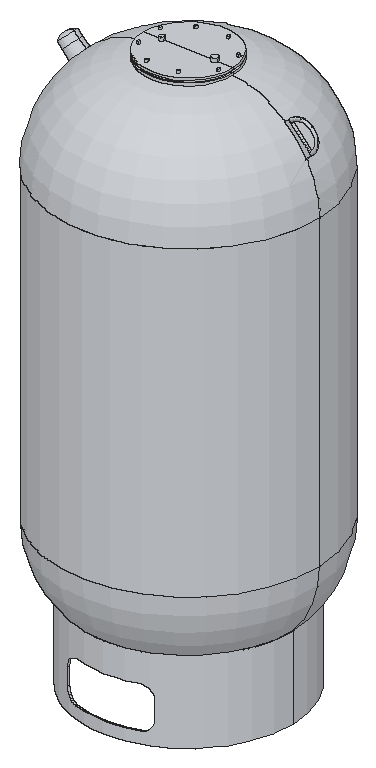
Revit family "TXA-600", category Mechanical Equipment, Revit 2014
Parameters (values of type "TXA-600")
  VoidHeight [instance] = 135 mm
  Void [instance] = 254 mm
  URL = "http://westank.com/"
  TankVolume = "158 Gallons"
  PartNumber = "20010500"
  OuterRadius = F / 2  # 304.8 mm
  Model = "TXA-600"
  MaximumOperatingTemperature = "240°F"
  MaximumOperatingPressure = "150 PSIG"
  Manufacturer = "Wessels Company"
  InnerRadius = (F * 0.9844) / 2  # 300.045 mm
  HandleAngle = 35.00°
  G = 120.65 mm
  F = 609.6 mm
  C = 50.8 mm
  BottomOfTheCylinder = 155.4 mm
  B = 1651 mm
  ApproximateShipmentWeight = "378 lbs"
  AngleHeight = B * 0.7878  # 1300.658 mm
  Angle = 35.00°
  A = 762 mm
Reference planes
  plane 1 "Center (Front/Back)": y = 0
  plane 2: z = 0
  plane 3 "Center (Left/Right)": x = 0
  plane 4: x = -381
  plane 5: x = -76.2
  plane 6: x = 76.2
  plane 7: z = 1621.9
  plane 8: y = 50
  plane 9: y = -50
  plane 10: x = 55.248
  plane 11: x = -55.248
  plane 12: z = 1651
  plane 13: x = 381
  plane 14: z = 1300.658
  plane 15: x = -25.4
  plane 16: x = 25.4
  plane 17: x = 139.7
  plane 18: y = 3.969
  plane 19: y = -3.969
  plane 20: x = -381
  plane 21: x = 381
  plane 22: x = -304.8
  plane 23: x = 304.8
  plane 24: z = 1646.377
  plane 25: z = 120.65
Forms (mm)
  Revolve 1, solid
    sketch origin (0, 0, -130.175) x (1, 0, 0) y (0, 0, 1)
      loop
        line (0, 1752.075) -> (-118.751, 1752.075)
        arc (-118.751, 1752.075) -> (-305.322, 1662.429) -> (-381, 1469.769) r 283.073
        line (-381, 1469.769) -> (-381, 565.278)
        arc (-381, 565.278) -> (-310.536, 378.824) -> (-134.368, 285.575) r 281.92
        line (-134.368, 285.575) -> (0, 285.575) -> (0, 1752.075)
      axis (0, 1752.075) -> (0, 285.575)
    angle from 0 to 360
  Extrusion 2, solid
    sketch origin (0, 0, 0) x (1, 0, 0) y (0, 1, 0)
      loop
        circle (0, 0) r 304.8
      loop
        circle (0, 0) r 300.045
    from 253.532 to 0
  Revolve 3, solid
    sketch origin (0, 0, 0) x (1, 0, 0) y (0, 0, 1)
      loop
        line (0, 1642) -> (0, 1621.9) -> (130.02, 1621.9) -> (130.02, 1628.25) -> (123.67, 1628.25) -> (123.67, 1635.463) -> (130.02, 1635.463) -> (130.02, 1642) -> (0, 1642)
      axis (0, 1642) -> (0, 1621.9)
    angle from 0 to 360
  Extrusion 4, solid
    sketch origin (-1534.635, -4572, 1621.9) x (-1, 0, 0) y (0, -1, 0)
      loop
        circle (-1458.435, -4572) r 6.35
      loop
        circle (-1610.835, -4572) r 9.525
    from 29.1 to 20.1
  Revolve 5, solid
    sketch origin (-211.722, 0, 1414.947) x (-0.707848, 0, 0.706364) y (-0.706364, 0, -0.707848)
      loop
        line (138.391, -1.826) -> (138.391, -29.471) -> (176.654, -29.471) -> (176.654, -28.634) -> (197.18, -28.634)
        arc (197.18, -28.634) -> (205.949, -16.661) -> (206.379, -1.826) r 24.981
        line (206.379, -1.826) -> (138.391, -1.826)
      axis (138.391, -1.826) -> (206.379, -1.826)
    angle from 0 to 360
  Sweep 6, solid
    path origin (212.812, 0, 1426.041) x (0.738543, 0, 0.674206) y (-0.674206, 0, 0.738543)
      loop
        arc (154.99, 44.45) -> (199.44, 0) -> (154.99, -44.45) r 44.45
    profile origin (360.107, 0, 1560.505) x (0.738543, 0, 0.674206) y (0, -1, 0)
      loop
        circle (0, 0) r 3.969
  Extrusion 7, solid
    sketch origin (-9.525, -4572, 49.3) x (-1, 0, 0) y (0, -1, 0)
      loop
        circle (-9.525, -4572) r 25.4
    from 71.35 to 106.1
  Extrusion 8, solid
    sketch origin (121.362, 0, 1342.558) x (0.738543, 0, 0.674206) y (-0.674206, 0, 0.738543)
      loop
        line (278.815, 48.402) -> (254, 48.402) -> (254, -48.501) -> (278.815, -48.501) -> (278.815, 48.402)
    from 3.969 to -3.969
  Extrusion 9, solid
    sketch origin (-3188.242, 3513.415, 49.3) x (0.743145, 0.66913, 0) y (-0.66913, 0.743145, 0)
      loop
        circle (41.275, -4641.567) r 3.676
    from 1597.077 to 1592.7
  Extrusion 10, solid
    sketch origin (288.988, 4735.552, 49.3) x (0.997899, -0.064782, 0) y (0.064782, 0.997899, 0)
      loop
        circle (47.612, -4641.156) r 3.676
    from 1597.077 to 1592.7
  Extrusion 11, solid
    sketch origin (3591.806, 3099.661, 49.3) x (0.650395, -0.759596, 0) y (0.759596, 0.650395, 0)
      loop
        circle (49.535, -4631.92) r 3.676
    from 1597.077 to 1592.7
  Extrusion 12, solid
    sketch origin (4726.876, -406.955, 49.3) x (-0.089639, -0.995974, 0) y (0.995974, -0.089639, 0)
      loop
        circle (40.137, -4628.918) r 3.676
    from 1597.077 to 1592.7
  Extrusion 13, solid
    sketch origin (3009.154, -3667.964, 49.3) x (-0.775574, -0.631257, 0) y (0.631257, -0.775574, 0)
      loop
        circle (41.275, -4641.567) r 3.676
    from 1597.077 to 1592.7
  Extrusion 14, solid
    sketch origin (-524.67, -4715.261, 49.3) x (-0.99343, 0.114441, 0) y (-0.114441, -0.99343, 0)
      loop
        circle (47.583, -4640.84) r 3.676
    from 1597.077 to 1592.7
  Extrusion 15, solid
    sketch origin (-3741.842, -2916.777, 49.3) x (-0.611725, 0.79107, 0) y (-0.79107, -0.611725, 0)
      loop
        circle (49.044, -4631.52) r 3.676
    from 1597.077 to 1592.7
  Extrusion 16, solid
    sketch origin (-4700.716, 642.058, 49.3) x (0.139172, 0.990268, 0) y (-0.990268, 0.139172, 0)
      loop
        circle (39.508, -4628.991) r 3.676
    from 1597.077 to 1592.7
Cuts and joins
  joined: Revolve 1, Extrusion 2, Revolve 3, Revolve 5, Extrusion 8
Lines and regions (mm)
  reference lines
    curve 1: line (0, 0, 1300.658) -> (-150.847, 0, 1406.282)
    curve 2: line (0, 0, 1300.658) -> (150.847, 0, 1406.282)
Dimensions and locks
  equal spacing: plane 6, plane 3 "Center (Left/Right)", plane 5
  equal spacing: plane 11, plane 3 "Center (Left/Right)", plane 10
  equal spacing: plane 8, plane 1 "Center (Front/Back)", plane 9
  "B": plane 12 to level
  equal spacing: plane 13, plane 3 "Center (Left/Right)", plane 4
  locked: plane 5 to Extrusion 4 sketch curve at 0
  locked: Extrusion 4 sketch curve to plane 1 "Center (Front/Back)" at 0  (x2)
  locked: Extrusion 4 sketch curve to plane 6 at 0
  "C": plane 16 to plane 15
  equal spacing: plane 16, plane 3 "Center (Left/Right)", plane 15
  equal spacing: plane 18, curve 2, plane 19
  equal spacing: plane 21, plane 3 "Center (Left/Right)", plane 20
  "A": plane 21 to plane 20
  equal spacing: plane 23, plane 3 "Center (Left/Right)", plane 22
  "F": plane 23 to plane 22
  locked: plane 12 to plane 24 at 4.623
  "G": plane 25 to level
  "AngleHeight": plane 14 to level
  locked: Revolve 5 sketch curve to Revolve 5 sketch curve at 0.837
  "OuterRadius": radius of Extrusion 2 sketch curve
  "InnerRadius": radius of Extrusion 2 sketch curve
  diameter of Extrusion 4 sketch curve = 19.05 mm
  "C": diameter of Extrusion 7 sketch curve
  "Angle": angle curve 1 to plane 14
  "HandleAngle": angle plane 14 to curve 2
  aligned and locked: level to plane 2
  aligned and locked: Extrusion 2 to level
  aligned and locked: Revolve 3 sketch curve to plane 7
  aligned and locked: Revolve 3 sketch curve to plane 3 "Center (Left/Right)"  (x2)
  aligned and locked: Revolve 1 sketch curve to plane 7
  aligned and locked: plane 4 to Revolve 1 sketch curve
  aligned and locked: plane 12 to Extrusion 4
  aligned and locked: plane 3 "Center (Left/Right)" to curve 1
  aligned and locked: plane 14 to curve 1
  aligned and locked: Revolve 5 sketch curve to Revolve 5 sketch curve
  aligned and locked: plane 14 to curve 2
  aligned and locked: plane 3 "Center (Left/Right)" to curve 2
  aligned and locked: Extrusion 8 sketch curve to Sweep 6
  aligned and locked: Extrusion 8 to plane 19
  aligned and locked: plane 18 to Extrusion 8
  aligned and locked: Extrusion 15 to Extrusion 16
  aligned and locked: Extrusion 9 to Extrusion 16
  aligned and locked: Extrusion 14 to Extrusion 9
  aligned and locked: Extrusion 10 to Extrusion 14
  aligned and locked: Extrusion 13 to Extrusion 10
  aligned and locked: Extrusion 11 to Extrusion 13
  aligned and locked: Extrusion 12 to Extrusion 13
  aligned and locked: Extrusion 11 to Extrusion 12
  aligned and locked: Extrusion 13 to Extrusion 12
  aligned and locked: Extrusion 10 to Extrusion 12
  aligned and locked: Extrusion 14 to Extrusion 12
  aligned and locked: Extrusion 9 to Extrusion 12
  aligned and locked: Extrusion 15 to Extrusion 9
  aligned and locked: Extrusion 16 to Extrusion 9
  aligned and locked: plane 24 to Extrusion 15
  aligned and locked: Extrusion 15 to Revolve 3
  aligned and locked: Extrusion 7 to plane 25
  aligned and locked: plane 1 "Center (Front/Back)" to nested 2
  aligned and locked: nested 2 to plane 3 "Center (Left/Right)"
Automatic sketch dimensions
  Revolve 3 sketch curve to plane 7 = 0 mm
  plane 7 to Revolve 3 sketch curve = 6.35 mm
  plane 6 to Revolve 3 sketch curve = 47.47 mm
  Revolve 3 sketch curve to Revolve 3 sketch curve = 6.35 mm  (x2)
  Revolve 3 sketch curve to Revolve 3 sketch curve = 12.7 mm
  Revolve 1 sketch curve to plane 3 "Center (Left/Right)" = 0 mm  (x2)
  Revolve 1 sketch curve to plane 5 = 22.88 mm
  Revolve 1 sketch curve to plane 5 = 21.727 mm
  Revolve 1 sketch curve to plane 5 = 42.551 mm
  Revolve 1 sketch curve to plane 5 = 58.168 mm
  Revolve 1 sketch curve to level = 57.47 mm
  Revolve 1 sketch curve to plane 7 = 45 mm
  plane 11 to Extrusion 9 sketch curve = 3.491 mm
  plane 8 to Extrusion 9 sketch curve = 41.674 mm
  plane 16 to Extrusion 10 sketch curve = 10.438 mm
  plane 8 to Extrusion 10 sketch curve = 51.061 mm
  Extrusion 11 sketch curve to plane 8 = 0.545 mm
  plane 6 to Extrusion 11 sketch curve = 29.436 mm
  plane 9 to Extrusion 12 sketch curve = 18.002 mm
  plane 6 to Extrusion 12 sketch curve = 36.795 mm
  Extrusion 13 sketch curve to plane 10 = 8.125 mm
  Extrusion 13 sketch curve to plane 9 = 44.14 mm
  Extrusion 14 sketch curve to plane 15 = 15.439 mm
  Extrusion 14 sketch curve to plane 9 = 49.466 mm
  plane 9 to Extrusion 15 sketch curve = 5.239 mm
  Extrusion 15 sketch curve to plane 5 = 31.786 mm
  Extrusion 16 sketch curve to plane 8 = 13.042 mm
  Extrusion 16 sketch curve to plane 5 = 35.075 mm
  curve 1 to Revolve 5 sketch curve = 187.602 mm
  Revolve 5 sketch curve to Revolve 5 sketch curve = 43.93 mm
  Revolve 5 sketch curve to Revolve 5 sketch curve = 5.667 mm
  Revolve 5 sketch curve to Revolve 5 sketch curve = 20.527 mm
  Revolve 5 sketch curve to Revolve 5 sketch curve = 9.199 mm
  curve 1 to Revolve 5 sketch curve = 8.233 mm
  Revolve 5 sketch curve to Revolve 5 sketch curve = 0.837 mm
  Revolve 5 sketch curve to Revolve 5 sketch curve = 20.918 mm
  curve 1 to Revolve 5 sketch curve = 49.211 mm
  Revolve 5 sketch curve to Revolve 5 sketch curve = 22.229 mm
  curve 2 to Sweep 6 sketch curve = 214.076 mm
  Sweep 6 sketch curve to curve 2 = 27.184 mm
  Sweep 6 sketch curve to Sweep 6 sketch curve = 44.45 mm
  Sweep 6 sketch curve to profile plane = 0 mm  (x2)
  Extrusion 8 sketch curve to Extrusion 8 sketch curve = 24.815 mm
  Extrusion 8 sketch curve to curve 2 = 75.686 mm
  Extrusion 8 sketch curve to Extrusion 8 sketch curve = 96.904 mm
  Revolve 3 sketch curve to Revolve 3 sketch curve = 7.213 mm
  Revolve 3 sketch curve to plane 24 = 4.377 mm
  plane 25 to Revolve 1 sketch curve = 34.75 mm
  Extrusion 2 sketch curve to Extrusion 2 sketch curve = 0 mm  (x2)
  plane 1 "Center (Front/Back)" to Extrusion 2 sketch curve = 0 mm
  Extrusion 2 sketch curve to plane 3 "Center (Left/Right)" = 0 mm
  plane 1 "Center (Front/Back)" to Extrusion 7 sketch curve = 0 mm
  Extrusion 7 sketch curve to plane 3 "Center (Left/Right)" = 0 mm
  radius of Extrusion 9 sketch curve = 3.676 mm
  radius of Extrusion 10 sketch curve = 3.676 mm
  radius of Extrusion 11 sketch curve = 3.676 mm
  radius of Extrusion 12 sketch curve = 3.676 mm
  radius of Extrusion 13 sketch curve = 3.676 mm
  radius of Extrusion 14 sketch curve = 3.676 mm
  radius of Extrusion 15 sketch curve = 3.676 mm
  radius of Extrusion 16 sketch curve = 3.676 mm
  radius of Sweep 6 sketch curve = 3.969 mm
  radius of Extrusion 4 sketch curve = 6.35 mm
Nested families
  nested 1: "BottomVoid" at (-1.134, -304.798, 95.627) x (1, -0.0037, 0) z (-0.0037, -1, 0), VoidLength <- "Void", type "BottomVoid"
    with VoidLength 254 mm, VoidHeight 123.456 mm
  nested 2: "ElbowConnector" at (0, 0, 120.65) x (0, -1, 0) z (0, 0, 1), PipeDiameter <- "C", type "ElbowConnector"
    with PipeDiameter 50.8 mm, NutDiameter 63.5 mm
Connectors
  piping at (0, -34.4, 69.85), diameter 50.8, driven by "C"
    settings: on nested 2, index 1, connector inside diameter 24", connector length 0 mm, flow factor 0, pipe flow 0 GPM, pressure drop 0.00 psi, fitting loss kfactor 0, connector angle 0.00°, fixture units 0, engagement length 0 mm, angle of deflection 0.00°, flow configuration 0, flow direction 0, fitting loss method 0, system type 7, joint type 0, gender type 0, connector reference index -1, connector utility 0, adjustable connector no, is connector primary yes, connector description ""
Definition of nested family "ElbowConnector"
  Parameters (values of type "ElbowConnector")
    PipeDiameter [instance] = 50.8 mm
    NutDiameter [instance] = PipeDiameter * 1.25  # 63.5 mm
    Default Elevation = 1219.2 mm
  Reference planes
    plane 1 "Center (Front/Back)": y = 0
    plane 2: z = 0
    plane 3 "Center (Left/Right)": x = 0
    plane 4: y = 314.612
    plane 5: x = 50.8
    plane 6: z = -50.8
    plane 7: z = -16.399
    plane 8: z = 16.399
    plane 9: z = -28.601
    plane 10: x = 18
    plane 11: x = 18
    plane 12: x = 34.4
  Forms (mm)
    Extrusion 1, solid
      sketch origin (0, 0, 0) x (1, 0, 0) y (0, 1, 0)
        loop
          line (-1219.2, 1219.2) -> (-1219.2, -1219.2) -> (1219.2, -1219.2) -> (1219.2, 1219.2) -> (-1219.2, 1219.2)
      from 0 to -304.8
    Sweep 2, solid
      path origin (0, 0, 0) x (1, 0, 0) y (0, 0, 1)
        loop
          line (0, 0) -> (0, -17.201)
          arc (0, -17.201) -> (9.841, -40.959) -> (33.599, -50.8) r 33.599
          line (33.599, -50.8) -> (34.4, -50.8)
      profile origin (0, 0, -8.6) x (0, -1, 0) y (1, 0, 0)
        loop
          circle (0, 0) r 25.4
    Extrusion 3, solid
      sketch origin (22.5, -4572, 16.399) x (1, 0, 0) y (0, 1, 0)
        loop
          circle (-22.5, 4572) r 31.75
      from 0 to -32.797
    Extrusion 4, solid
      sketch origin (34.4, 0, -50.8) x (0, -1, 0) y (0, 0, -1)
        loop
          circle (0, 0) r 31.75
      from 16.4 to -16.4
  Dimensions and locks
    locked: plane 5 to plane 3 "Center (Left/Right)" at 50.8
    "PipeDiameter": diameter of Sweep 2 sketch curve
    "NutDiameter": diameter of Extrusion 3 sketch curve
    "NutDiameter": diameter of Extrusion 4 sketch curve
    aligned and locked: plane 2 to Extrusion 1
    aligned and locked: level to Extrusion 1
    aligned and locked: plane 7 to Extrusion 3
    aligned and locked: plane 2 to Sweep 2 sketch curve
    aligned and locked: plane 12 to Sweep 2 sketch curve
    aligned and locked: plane 5 to Extrusion 4
  Automatic sketch dimensions
    Extrusion 1 sketch curve to Extrusion 1 sketch curve = 2438.4 mm  (x2)
    Sweep 2 sketch curve to plane 3 "Center (Left/Right)" = 0 mm
    Sweep 2 sketch curve to plane 6 = 0 mm
    plane 7 to Sweep 2 sketch curve = 0.802 mm
    plane 1 "Center (Front/Back)" to Sweep 2 sketch curve = 0 mm
    Sweep 2 sketch curve to profile plane = 0 mm
    plane 1 "Center (Front/Back)" to Extrusion 3 sketch curve = 0 mm
    Extrusion 3 sketch curve to plane 3 "Center (Left/Right)" = 0 mm
